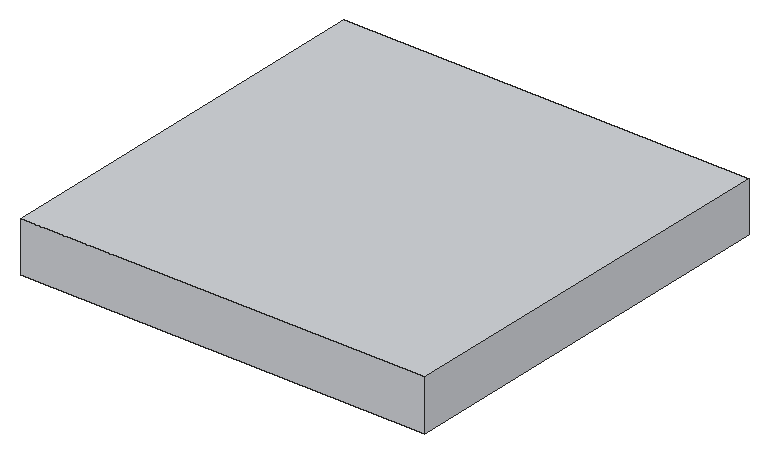
Revit family "Sanitary_Toilets_DELABIE_110710-Wal-hung-700-S-WC-pan-for-disable postraitement", category Appareils sanitaires, Revit 2018
Family settings
  Hôte = Face
  Cote de connecteur circulaire = Utiliser le diamètre
  Type d'élément = Normal
  Couper avec des vides une fois chargée = Non
  Partagée = Non
  Point de calcul de pièce = Non
Parameters
  Default Elevation = 1219.2 mm
Reference planes
  plane 1 "Centre (avant/arrière)": y = 0
  plane 2: z = 0
  plane 3 "Centre (gauche/droite)": x = 0
Forms (mm)
  Extrusion 1, solid
    sketch origin (0, 0, 0) x (1, 0, 0) y (0, 1, 0)
      loop
        line (-1219.2, 1219.2) -> (-1219.2, -1219.2) -> (1219.2, -1219.2) -> (1219.2, 1219.2) -> (-1219.2, 1219.2)
    from 0 to -304.8
Dimensions and locks
  aligned and locked: plane 2 to Extrusion 1
  aligned and locked: level to Extrusion 1
Nested families
  nested 1: "Sanitary_Toilets_DELABIE_110710-Wal-hung-700-S-WC-pan-for-disable" at (0, 0, 0), type "Default"
Definition of nested family "Sanitary_Toilets_DELABIE_110710-Wal-hung-700-S-WC-pan-for-disable"
  Parameters (values of type "Default")
    Youtube clip = ""
    Uniformat II Description = ""
    Uniformat II Code = ""
    Uniclass 2015 Name = "Sanitary fittings and accessories"
    Uniclass 2015 Code = "Pr_40_20"
    Uniclass 2.0 Description = ""
    Uniclass 2.0 Code = ""
    Uniclass 1.4 Description = ""
    Uniclass 1.4 Code = ""
    UNSPSC Code = "30181505"
    Technical description = "https://www.delabie.com/products/110710"
    Region South America = "AR, BO, BR, CL, CO, EC, FK, GF, GY, PE, PY, SR, UY, VE"
    Region Oceania = "AU, FJ, NC, NZ, PG, SB, TL, VU"
    Region North America = "BS, BZ, CA, CR, CU, DO, GL, GT, HN, HT, JM, MX, NI, PA, PR, SV, TT, US"
    Region Middle East = "AE, AF, EG, IL, IQ, IR, JO, KW, LB, OM, PS, QA, SA, SY, TR, YE"
    Region Europe = "AL, AT, BA, BE, BG, BY, CH, CY, CZ, DE, DK, EE, ES, FI, FR, GB, GR, HR, HU, IE, IS, IT, LT, LU, LV, MD, ME, MK, NL, NO, PL, PT, RO, RS, RU, SE, SI, SJ, SK, UA"
    Region Asia = "AM, AZ, BD, BN, BT, CN, GE, ID, IN, JP, KG, KH, KP, KR, KZ, LA, LK, MM, MN, MY, NP, PH, PK, TH, TJ, TM, TW, UZ, VN"
    Region Antarctica = "TF"
    Region Africa = "AO, BF, BI, BJ, BW, CD, CF, CG, CI, CM, DJ, DZ, EH, ER, ET, GA, GH, GM, GN, GQ, GW, KE, LR, LS, LY, MA, MG, ML, MR, MW, MZ, NA, NE, NG, RW, SD, SL, SN, SO, SS, SZ, TD, TG, TN, TZ, UG, ZA, ZM, ZW"
    QR code = "http://bimobject.com/delabie/product/110710"
    Product url = "https://www.delabie.com/products/110710"
    Product name = "110710 Wal hung 700 S WC pan for disabled people "
    Product group = "WC pan"
    Product family = "Sanitary"
    Product data url = "https://bimobject.com/delabie/product/110710"
    Product certification = "https://www.delabie.com/products/110710"
    Product SKU = "110710"
    Product Guid = "1b891a9e-deb5-43e6-8224-5a8b72e7870e"
    OmniClass Description = "Toilets"
    OmniClass Code = "23-31 19 00"
    NBS Reference Description = ""
    NBS Reference Code = ""
    Material secondary = ""
    Material main = "Stainless steel"
    Masterformat 2014 Description = ""
    Masterformat 2014 Code = ""
    Manufacturer name = "DELABIE"
    Manufacturer country = "Portugal"
    Installation instructions = "https://www.delabie.com/products/110710"
    IFC Classification = "Sanitary Terminal"
    GTIN code = "https://3456330153515"
    Edition number = 1
    Design country = "Portugal"
    Date of publishing = "5/21/2017"
    COBIe Type Category = ""
    Brand url = "http://www.delabie.com"
    BOS_1_Visibility = yes
    BOS_1_Material = none
    BOS_0_Visibility = yes
    BOS_0_Material = none
    BIMobject main category code = "sanitary"
    BIMobject main category = "Sanitary"
    BIMobject category code = "toilets"
    BIMobject category = "Toilets"
  Reference planes
    plane 1 "Center (Front/Back)": y = 0
    plane 2: z = 0
    plane 3 "Center (Left/Right)": x = 0
  Dimensions and locks
    aligned and locked: plane 2 to level
  Imported bodies without a history: 1
